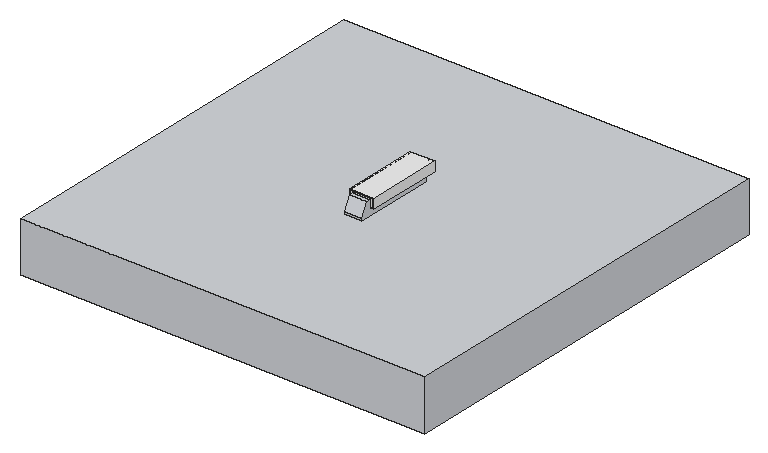
Revit family
Parameters (values of type "120 V")
  Width = 0' - 5 3/4"
  Web Link to IES = "http://www.oxygenlighting.com/index.cfm?event=general.downloadFile&theFile=2-5112-xx.ies"
  Wattage = 8.73827 W
  built-in parameter 1150110 = 1 (stored number, unit not read)
  Voltage = 120 V
  URL = "http://www.oxygenlighting.com/"
  built-in parameter 1114217 = 1 (stored number, unit not read)
  Tilt Angle = -90.00°
  built-in parameter 1150109 = 1 (stored number, unit not read)
  built-in parameter 1150134 = (empty or 0)
  built-in parameter 1150113 = 1 (stored number, unit not read)
  Product Documentation Link = "http://www.oxygenlighting.com/ftp/cutsheets/2-5112-24.pdf"
  Power Factor = 0.99
  Photometric Web File = "2-5112 series.IES"
  Number of Poles = 1
  Model = "2-5112-xx"
  Manufacturer = "Oxygen Lighting"
  built-in parameter 1150105 = 103.29 (stored number, unit not read)
  Lumens = 1298 lm
  built-in parameter 1150115 = 1 (stored number, unit not read)
  built-in parameter 1150137 = (empty or 0)
  built-in parameter 1150139 = (empty or 0)
  Length = 0' - 4"
  built-in parameter 1150112 = 1 (stored number, unit not read)
  built-in parameter 1150114 = 1 (stored number, unit not read)
  Lamp = "1 x FT39W/2G11"
  Junction Box = "4\" Octogonal"
  built-in parameter 1150132 = 2
  built-in parameter 1150102 = (empty or 0)
  built-in parameter 1150107 = 3000 (stored number, unit not read)
  built-in parameter 1150138 = (empty or 0)
  built-in parameter 1150106 = 1.0329 (stored number, unit not read)
  Height = 1' - 8 1/2"
  Emit from Rectangle Width = 0' - 5 3/4"
  Emit from Rectangle Length = 1' - 6"
  Emit Shape Visible in Rendering = no
  built-in parameter 1150104 = 13.8 (stored number, unit not read)
  Dimming Lamp Color Temperature Shift = (empty or 0)
  Diffuser Material = Plastic-Oxygen_Lighting-2-Acrylic-Matte_White
  Description = "Acrylic sconce with integral EM ballast capability - T5 twin tube fluorescent lamping and toolless access"
  Default Elevation = 4' - 0"
  Color Filter = 16777215
  Ballust Manufacturer = "Antron"
  built-in parameter 1114218 = 1 (stored number, unit not read)
  built-in parameter 1150133 = 10 (stored number, unit not read)
  Assembly Code = "D5020210"
  Apparent Load = 30.1 VA
  ADA Compliant = yes
Types (2): name | Voltage | Description
  120 V | 120 V | "Acrylic sconce with integral EM ballast capability - T5 twin tube fluorescent lamping and toolless access"
  277 V | 277 V | "By client"
Reference planes (in)
  plane 1 "Center (Front/Back)": y = 0
  plane 2: z = 0
  plane 3 "Center (Left/Right)": x = 0
  plane 4: y = 11.25
  plane 5: y = 11.125
  plane 6: y = -6.75
  plane 7: y = -6.625
  plane 8: y = -9.10064
  plane 9: y = -9.25
  plane 10: y = -7.73069
  plane 11: x = -2.875
  plane 12: x = 2.875
  plane 13: x = 2.75
  plane 14: x = -2.75
  plane 15: z = 4
  plane 16: z = 1.75
  plane 17: x = -2.0625
  plane 18: x = 2.0625
  plane 19: z = 3.5
  plane 20: x = -1.25
  plane 21: x = 1.25
  plane 22: z = 3.875
  plane 23: z = 1.875
  plane 24: through (0, -7.73069, 3.5) normal (0, -0.8921, 0.4518)
  plane 25: y = 9.75
Forms (in)
  Extrusion 1, solid
    sketch origin (0, 0, 0) x (1, 0, 0) y (0, 1, 0)
      loop
        line (-48, 48) -> (-48, -48) -> (48, -48) -> (48, 48) -> (-48, 48)
    from 0 to -12
  Extrusion 2, solid, material "Plastic-Oxygen_Lighting-2-Acrylic-Matte_White" <- "Diffuser Material", detail levels medium+fine
    sketch origin (0, 0, 0) x (1, 0, 0) y (0, 0, 1)
      loop
        line (-2.875, 1.75) -> (-1.25, 1.75) -> (-1.25, 1.875) -> (-2.75, 1.875) -> (-2.75, 3.875) -> (2.75, 3.875) -> (2.75, 1.875) -> (1.25, 1.875) -> (1.25, 1.75) -> (2.875, 1.75) -> (2.875, 4) -> (-2.875, 4) -> (-2.875, 1.75)
    from -11.25 to 6.75
  Extrusion 3, solid, detail levels medium+fine
    sketch origin (0, 0, 0) x (0, 1, 0) y (0, 0, 1)
      loop
        line (9.75, 1.75) -> (-6.75, 1.75) -> (-6.75, 3.5) -> (-7.73069, 3.5) -> (-9.25, 0.5) -> (-9.25, 0) -> (9.75, 0) -> (9.75, 1.75)
    from -2.0625 to 2.0625
  Extrusion 4, solid, material "Plastic-Oxygen_Lighting-2-Acrylic-Matte_White" <- "Diffuser Material", detail levels medium+fine
    sketch origin (0, 0, 0) x (1, 0, 0) y (0, 0, 1)
      loop
        line (2.75, 3.875) -> (-2.75, 3.875) -> (-2.75, 1.875) -> (2.75, 1.875) -> (2.75, 3.875)
    from 6.625 to 6.75
  Extrusion 5, solid, material "Plastic-Oxygen_Lighting-2-Acrylic-Matte_White" <- "Diffuser Material", detail levels medium+fine
    sketch origin (0, 0, 0) x (1, 0, 0) y (0, 0, 1)
      loop
        line (-2.75, 1.875) -> (2.75, 1.875) -> (2.75, 3.875) -> (-2.75, 3.875) -> (-2.75, 1.875)
    from -11.25 to -11.125
  Extrusion 6, solid, detail levels coarse
    sketch origin (0, 0, 0) x (1, 0, 0) y (0, 1, 0)
      loop
        line (-2.875, 11.25) -> (-2.875, -9.25) -> (2.875, -9.25) -> (2.875, 11.25) -> (-2.875, 11.25)
    from 0 to 4
Lines and regions (in)
  Masking region 1
    outline origin (0, 0, 0) x (1, 0, 0) y (0, 0, 1)
      loop
        line (-2.875, 1.75) -> (-2.0625, 1.75) -> (-2.0625, 0) -> (2.0625, 0) -> (2.0625, 1.75) -> (2.875, 1.75) -> (2.875, 4) -> (-2.875, 4) -> (-2.875, 1.75)
  Masking region 2
    outline origin (0, 0, 0) x (1, 0, 0) y (0, 1, 0)
      loop
        line (-2.875, 11.25) -> (-2.875, -6.75) -> (-2.0625, -6.75) -> (-2.0625, -9.25) -> (2.0625, -9.25) -> (2.0625, -6.75) -> (2.875, -6.75) -> (2.875, 11.25) -> (-2.875, 11.25)
  Masking region 3
    outline origin (0, 0, 0) x (0, 1, 0) y (0, 0, 1)
      loop
        line (11.25, 1.75) -> (11.25, 4) -> (-6.75, 4) -> (-6.75, 3.5) -> (-7.73069, 3.5) -> (-9.50322, 0) -> (9.75, 0) -> (9.75, 1.75) -> (11.25, 1.75)
  symbolic lines
    curve 1: line (2.875, 0, 1.75) -> (-2.875, 0, 1.75)
    curve 2: line (-2.875, -6.75, 0) -> (2.875, -6.75, 0)
    curve 3: line (-2.0625, -7.73069, 0) -> (2.0625, -7.73069, 0)
    curve 4: line (0, -6.75, 1.75) -> (0, 11.125, 1.75)
    curve 5: line (0, -6.75, 1.75) -> (0, -6.75, 3.5)
Dimensions and locks (in)
  locked: plane 1 "Center (Front/Back)" to plane 4 at 11.25
  equal spacing: plane 11, plane 3 "Center (Left/Right)", plane 12
  locked: plane 11 to plane 12 at 5.75
  plane 15 to plane 22 to plane 19 to plane 23 to plane 16 to plane 2 = 0' - 0 1/8" locked, 0' - 0 3/8" locked, 0' - 1 5/8" locked, 0' - 0 1/8" locked, 0' - 1 3/4" locked
  plane 11 to plane 14 to plane 17 to plane 20 to plane 3 "Center (Left/Right)" to plane 21 to plane 18 to plane 13 to plane 12 = 0' - 0 1/8", 0' - 0 11/16", 0' - 0 13/16", 0' - 1 1/4", 0' - 1 1/4", 0' - 0 13/16", 0' - 0 11/16", 0' - 0 1/8"
  plane 25 to plane 1 "Center (Front/Back)" to plane 7 to plane 6 to plane 10 to plane 8 to plane 9 = 0' - 9 3/4" locked, 0' - 6 5/8" locked, 0' - 0 1/8" locked, 0' - 0.98069" locked, 0' - 1.36995" locked, 0' - 0.14936" locked
  locked: plane 4 to plane 5 at 0.125
  aligned and locked: plane 2 to Extrusion 1
  aligned and locked: level to Extrusion 1
  aligned: plane 3 "Center (Left/Right)" to imposter light
  aligned: plane 1 "Center (Front/Back)" to imposter light
  aligned and locked: plane 1 "Center (Front/Back)" to imposter light
  aligned and locked: plane 3 "Center (Left/Right)" to imposter light
  aligned and locked: Extrusion 2 sketch curve to plane 11
  aligned and locked: Extrusion 2 sketch curve to plane 14
  aligned and locked: Extrusion 2 sketch curve to plane 15
  aligned and locked: Extrusion 2 sketch curve to plane 22
  aligned and locked: Extrusion 2 sketch curve to plane 12
  aligned and locked: Extrusion 2 sketch curve to plane 13
  aligned and locked: Extrusion 2 sketch curve to plane 23
  aligned and locked: Extrusion 2 sketch curve to plane 16
  aligned and locked: Extrusion 2 sketch curve to plane 21
  aligned and locked: Extrusion 2 sketch curve to plane 20
  aligned and locked: plane 4 to Extrusion 2
  aligned and locked: Extrusion 2 to plane 6
  aligned and locked: plane 25 to Extrusion 3 sketch curve
  aligned and locked: plane 16 to Extrusion 3 sketch curve
  aligned and locked: plane 6 to Extrusion 3 sketch curve
  aligned and locked: plane 19 to Extrusion 3 sketch curve
  aligned and locked: plane 24 to Extrusion 3 sketch curve
  aligned and locked: plane 9 to Extrusion 3 sketch curve
  aligned and locked: plane 2 to Extrusion 3 sketch curve
  aligned and locked: plane 18 to Extrusion 3
  aligned and locked: Extrusion 3 to plane 17
  aligned and locked: Extrusion 4 sketch curve to plane 22
  aligned and locked: Extrusion 4 sketch curve to plane 14
  aligned and locked: Extrusion 4 sketch curve to plane 13
  aligned and locked: Extrusion 4 sketch curve to plane 23
  aligned and locked: Extrusion 4 to plane 6
  aligned and locked: Extrusion 5 sketch curve to plane 14
  aligned and locked: Extrusion 5 sketch curve to plane 22
  aligned and locked: Extrusion 5 sketch curve to plane 13
  aligned and locked: Extrusion 5 sketch curve to plane 23
  aligned and locked: Extrusion 5 to plane 5
  aligned and locked: Extrusion 2 to Extrusion 6 sketch curve
  aligned and locked: Extrusion 6 sketch curve to Extrusion 2
  aligned and locked: plane 9 to Extrusion 6 sketch curve
  aligned and locked: plane 12 to Extrusion 6 sketch curve
  aligned and locked: Extrusion 6 to plane 15
  aligned and locked: Masking region 1 sketch curve to plane 11
  aligned and locked: Masking region 1 sketch curve to plane 16
  aligned and locked: Masking region 1 sketch curve to plane 15
  aligned and locked: Masking region 1 sketch curve to plane 12
  aligned and locked: Masking region 1 sketch curve to plane 18
  aligned and locked: Masking region 1 sketch curve to plane 17
  aligned and locked: Masking region 1 sketch curve to plane 2
  aligned and locked: curve 1 to plane 16
  aligned and locked: plane 11 to curve 1
  aligned and locked: plane 12 to curve 1
  aligned and locked: Masking region 2 sketch curve to plane 4
  aligned and locked: Masking region 2 sketch curve to plane 12
  aligned and locked: Masking region 2 sketch curve to plane 11
  aligned and locked: Masking region 2 sketch curve to plane 6
  aligned and locked: Masking region 2 sketch curve to plane 18
  aligned and locked: Masking region 2 sketch curve to plane 17
  aligned and locked: Masking region 2 sketch curve to plane 9
  aligned and locked: curve 2 to plane 6
  aligned and locked: curve 3 to plane 10
  aligned and locked: plane 11 to curve 2
  aligned and locked: plane 12 to curve 2
  aligned and locked: plane 18 to curve 3
  aligned and locked: plane 17 to curve 3
  aligned and locked: plane 4 to Masking region 3 sketch curve
  aligned and locked: plane 15 to Masking region 3 sketch curve
  aligned and locked: plane 6 to Masking region 3 sketch curve
  aligned and locked: plane 19 to Masking region 3 sketch curve
  aligned and locked: plane 24 to Masking region 3 sketch curve
  aligned and locked: plane 2 to Masking region 3 sketch curve
  aligned and locked: plane 16 to Masking region 3 sketch curve
  aligned and locked: plane 25 to Masking region 3 sketch curve
  aligned and locked: plane 16 to curve 4
  aligned and locked: plane 6 to Extrusion 3
  aligned and locked: plane 19 to curve 5
Automatic sketch dimensions
  Extrusion 1 sketch curve to Extrusion 1 sketch curve = 8' - 0"  (x2)
  Extrusion 2 sketch curve to plane 16 = 0' - 0"
  Extrusion 2 sketch curve to plane 23 = 0' - 0"
  Masking region 1 sketch curve to Masking region 1 sketch curve = 0' - 0"
  Masking region 2 sketch curve to plane 6 = 0' - 0"
  curve 4 to plane 5 = 0' - 0"
  curve 5 to plane 6 = 0' - 0"
Connectors (in)
  electrical at (0, 0, 0), driven by "Apparent Load", driven by "Voltage", driven by "Power Factor", driven by "Number of Poles"
    settings: on Extrusion 1, index 1
